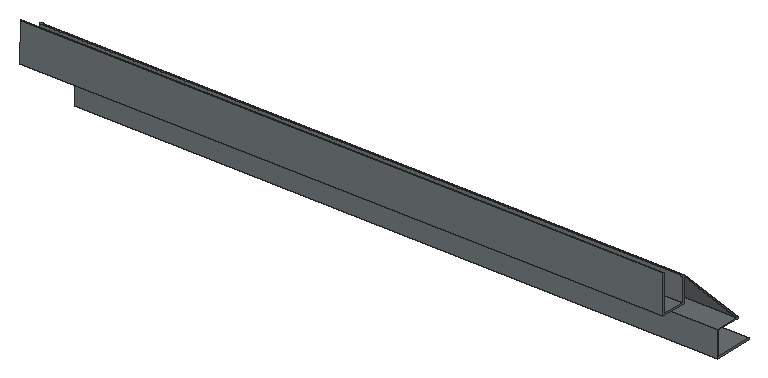
Revit family "BIMLIB_ПланкаУглаВнутреннегоСложнаяБлокХаусNew_GRANDLINE", category Обобщенные модели, Revit 2017
Family settings
  Может служить основой для арматурных стержней = Нет
  Размер круглого соединителя = Использовать диаметр
  Тип детали = Нормальный
  При загрузке вырезать с полостями = Нет
  Общий = Нет
  Точка расчета площади = Нет
Parameters (values of type "Вннутренний угол сложный Блок Хаус New")
  Смещение от плоскости [instance] = 0 mm
  Описание = ADSK_Наименование  # "Вннутренний угол сложный Блок Хаус New"
  Изготовитель = "Grand Line"  # constant formula
  built-in parameter 1001306 [instance] = 500 mm
  Watermark [instance] = "Модели защищены уникальным кодом"
  URL = "https://www.grandline.ru"
  BL_Разработано = "support@bimlib.pro"
  BL_Email = "info@grandline.ru"
  BL_BIM library = "https://bimlib.pro/manufacturer/company/22430"
  ADSK_Размер_Длина [instance] = [built-in parameter 1001306]  # 500 mm
  ADSK_Обозначение = "ГОСТ 19904-90, ГОСТ 14918-80"
  ADSK_Наименование = "Вннутренний угол сложный Блок Хаус New"
  ADSK_Материал тип подсчета = 1  # constant formula
  ADSK_Материал = GL_Drap_RAL7016
  ADSK_Масса_Текст [instance] = ""
  ADSK_Масса [instance] = 0
  ADSK_Марка = ""
  ADSK_Количество [instance] = if(ADSK_Материал тип подсчета = 0, 1, if(ADSK_Материал тип подсчета = 1, ADSK_Размер_Длина / 1000 mm, 0))  # 0.5
  ADSK_Код изделия = "M012.043.03"  # constant formula
  ADSK_Завод-изготовитель = "Grand Line"  # constant formula
  ADSK_Единица измерения = "м"  # constant formula
  ADSK_Группирование = "Доборные элементы"  # constant formula
  ADSK_Версия Revit = "2017"  # constant formula
  ADSK_URL страницы изделия = "https://www.grandline.ru/ugol-vnutrenniy-slozhnyy-bkh-new-0-45-drap-ral-3005-krasnoe-vino-231765.html"
  ADSK_URL документации изделия = "https://www.grandline.ru/uploads/files/chertezhi_vse/dobornye_elementy/desaiydingblokhaus-new/Ugol-vnutrennij.jpg"
Reference planes
  plane 1 "По центру (Вперед/Назад)": y = 0
  plane 2: z = 0
  plane 3 "Слева": x = 0
  plane 4 "Справа": x = 500
Forms (mm)
  Sweep 1, solid, material "GL_Drap_RAL7016" <- "ADSK_Материал"
    path in 3D
      loop
        line (0, 0, 0) -> (500, 0, 0)
    profile "Профиль_ПланкаУглаВнутреннегоСложная БлокХаусNew : Профиль" origin (250, 0, 0) x (0, 1, 0) y (0, 0, 1)
      loop
        line (72.455, 20.447) -> (20.447, 72.455)
        arc (20.447, 72.455) -> (19.651, 72.613) -> (19.2, 71.938) r 0.731
        line (19.2, 71.938) -> (19.2, 53.469) -> (0.8, 53.469) -> (0.8, 82.669) -> (0, 82.669) -> (0, 52.669) -> (20, 52.669) -> (20, 71.771) -> (71.771, 20) -> (52.669, 20) -> (52.669, 0) -> (82.669, 0) -> (82.669, 0.8) -> (53.469, 0.8) -> (53.469, 19.2) -> (71.938, 19.2)
        arc (71.938, 19.2) -> (72.613, 19.651) -> (72.455, 20.447) r 0.731
Lines and regions (mm)
  reference lines
    curve 1: line (0, 0, 0) -> (500, 0, 0)
  sketch lines
    curve 2: line (0, 0, 0) -> (500, 0, 0)
Dimensions and locks
  "built-in parameter 1001306": plane 3 "Слева" to plane 4 "Справа"
  aligned and locked: plane 4 "Справа" to curve 1
  aligned and locked: plane 1 "По центру (Вперед/Назад)" to curve 1
  aligned and locked: plane 3 "Слева" to curve 1
  aligned and locked: level to plane 2
